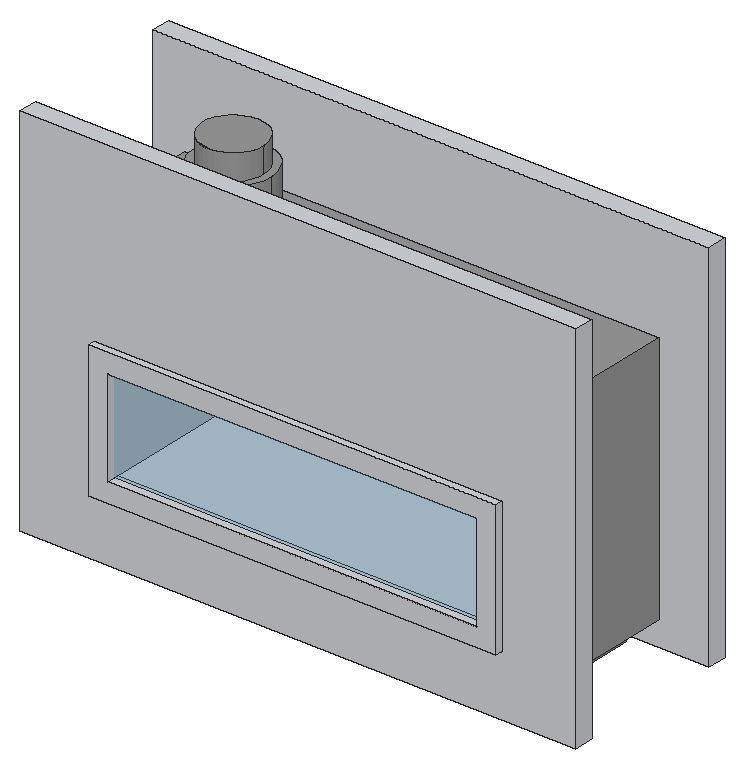
Revit family "TCWS ST Indoor-outdoor", category Mechanical Equipment, host Wall, Revit 2017
Family settings
  Host = Wall
  Round Connector Dimension = Use Diameter
  Part Type = Normal
  Always vertical = Yes
  Cut with Voids When Loaded = Yes
  Shared = Yes
  Room Calculation Point = No
Parameters (values of type "TCWS 54 indoor outdoor ST")
  UNIT WEIGHT = ""
  STANDARD CONFORMANCE [instance] = ""
  SPECIFICATION = ""
  SALES INFORMATION = ""
  PRODUCT DATA = ""
  MANUFACTURER WEBSITE = ""
  MANUFACTURER PHONE-TOLL FREE = ""
  MANUFACTURER PHONE = ""
  MANUFACTURER FAX = ""
  MANUFACTURER ADDRESS = ""
  INSTALLATION FABRICATION = ""
  HVAC BTU OUTPUT = 0.0 Btu/h
  GREEN BUILDING LEED = ""
  FUEL TYPE [instance] = ""
  FUEL CONSUMPTION [instance] = "AS SPECIFIED"
  FLUE CONNECTION WIDTH = 1' - 0 11/16"
  FLUE CONNECTION SIZE = 0' - 6"
  RADIUS = 0' - 5"
  FLUE CONNECTION HEIGHT = 0' - 9 15/16"
  UNIT WIDTH = 5' - 2 7/16"
  UNIT HEIGHT = 2' - 9 13/16"
  UNIT DEPTH = 2' - 0 7/16"
  FRAME MATERIAL = none
  GAS PIPE CONNECTOR = 0' - 0 1/4"
  MIN NON-COMBUSTIBLE FRAMING SUPPLIED [instance] = yes
  FACE WIDTH = 4' - 5 5/8"
  FACE HEIGHT = 1' - 5 3/4"
  EFFICIENCY RATING [instance] = 0.00%
  CONSTRUCTION DETAILS = ""
  BUILDING CODES = ""
Reference planes (in)
  plane 1: y = 0
  plane 2 "Center (Left/Right)": x = 0
  plane 3 "Wall Edge": y = 26.46875
  plane 4: y = 11.4375
  plane 5: x = -26.8125
  plane 6: x = 26.8125
  plane 7: x = -31.21875
  plane 8: x = 31.21875
  plane 9: y = 25.875
  plane 10: y = 1.4375
  plane 11: x = -18.53125
  plane 12: z = 10.49764
  plane 13: z = 21.49764
  plane 14: z = 40.12264
  plane 15: z = 6.31014
  plane 16: z = 4.56014
Forms (in)
  Extrusion 1, solid, material "Zinc"
    sketch origin (0, -1.5, -1.56289) x (1, 0, 0) y (0, 0, 1)
      loop
        line (-31.21875, 45.37303) -> (-31.21875, 12.12303) -> (31.21875, 12.12303) -> (31.21875, 45.37303) -> (-31.21875, 45.37303)
      loop
        line (-26.8125, 33.49803) -> (-26.8125, 15.74803) -> (26.8125, 15.74803) -> (26.8125, 33.49803) -> (-26.8125, 33.49803)
    from -6.5 to -23.375
  Extrusion 2, solid, material "Zinc"
    sketch origin (1.42188, -1.5, -1.56289) x (1, 0, 0) y (0, 0, 1)
      loop
        line (-29.37237, 12.12303) -> (-29.84374, 12.12303) -> (-29.84374, 11.99335) -> (-29.40169, 11.99335) -> (-28.29409, 7.90289) -> (-27.18649, 11.99335) -> (-26.74444, 11.99335) -> (-26.74444, 12.12303) -> (-27.21582, 12.12303) -> (-28.29409, 8.04399) -> (-29.37237, 12.12303)
      loop
        line (26.52862, 12.12303) -> (25.45034, 8.04399) -> (24.37207, 12.12303) -> (23.90069, 12.12303) -> (23.90069, 11.99335) -> (24.34274, 11.99335) -> (25.45034, 7.90289) -> (26.55794, 11.99335) -> (26.99999, 11.99335) -> (26.99999, 12.12303) -> (26.52862, 12.12303)
    from -6.5 to -23.375
  Extrusion 3, solid, material <- "FRAME MATERIAL"
    sketch origin (0, -3.5, -1.56289) x (1, 0, 0) y (0, 0, 1)
      loop
        line (-26.8125, 33.49803) -> (-26.8125, 15.74803) -> (26.8125, 15.74803) -> (26.8125, 33.49803) -> (-26.8125, 33.49803)
      loop
        line (-24.3125, 30.99803) -> (-24.3125, 18.24803) -> (24.3125, 18.24803) -> (24.3125, 30.99803) -> (-24.3125, 30.99803)
    from -30.375 to -3.99299
  Extrusion 4, solid, material "Zinc"
    sketch origin (-42.99274, -1.45058, 40.12264) x (1, 0, 0) y (0, 1, 0)
      loop
        circle (25.70075, 13.89173) r 5
    from 0 to 11.4375
  Extrusion 5, solid, material "Zinc"
    sketch origin (-42.99274, -1.45058, 51.56014) x (1, 0, 0) y (0, 1, 0)
      loop
        circle (25.70075, 13.89173) r 4
    from 0 to 3.34534
  Extrusion 6, solid, visible <- "MIN NON-COMBUSTIBLE FRAMING SUPPLIED"
    sketch origin (0, 1, -1.56289) x (1, 0, 0) y (0, 0, 1)
      loop
        line (36.58611, 57.18553) -> (-36.58611, 57.18553) -> (-36.58611, 7.74487) -> (36.58611, 7.74487) -> (36.58611, 57.18553)
      loop
        line (26.8125, 15.74803) -> (26.8125, 33.49803) -> (-26.8125, 33.49803) -> (-26.8125, 15.74803) -> (26.8125, 15.74803)
    from -0.5 to -3
  Extrusion 7, solid, material "Glass"
    sketch origin (0, 26.375, -1.56289) x (1, 0, 0) y (0, 0, -1)
      loop
        line (-24.3125, -30.99803) -> (24.3125, -30.99803) -> (24.3125, -18.24803) -> (-24.3125, -18.24803) -> (-24.3125, -30.99803)
    from 0 to -0.5
  Extrusion 8, solid, visible <- "MIN NON-COMBUSTIBLE FRAMING SUPPLIED"
    sketch origin (0, 26.375, -1.56289) x (1, 0, 0) y (0, 0, -1)
      loop
        line (36.58611, -57.18553) -> (36.58611, -7.74487) -> (-36.58611, -7.74487) -> (-36.58611, -57.18553) -> (36.58611, -57.18553)
      loop
        line (26.8125, -15.74803) -> (-26.8125, -15.74803) -> (-26.8125, -33.49803) -> (26.8125, -33.49803) -> (26.8125, -15.74803)
    from -0.5 to -3
  Extrusion 9, solid, material <- "FRAME MATERIAL"
    sketch origin (0, 26.46875, 0) x (1, 0, 0) y (0, 0, 1)
      loop
        line (26.81341, 36.93514) -> (-26.80912, 36.93514) -> (-31.8125, 31.93176) -> (-31.8125, 14.20308) -> (-26.79456, 9.18514) -> (26.86172, 9.18514) -> (31.8125, 14.13592) -> (31.8125, 31.93605) -> (26.81341, 36.93514)
      loop
        line (-26.8125, 31.93514) -> (-26.8125, 14.18514) -> (26.8125, 14.18514) -> (26.8125, 31.93514) -> (-26.8125, 31.93514)
    from 0.25 to 0.75
  Extrusion 10, solid, material "Glass"
    sketch origin (0, 26.46875, 0) x (1, 0, 0) y (0, 0, 1)
      loop
        line (-24.3125, 29.43514) -> (-24.3125, 16.68514) -> (24.3125, 16.68514) -> (24.3125, 29.43514) -> (-24.3125, 29.43514)
    from 25 to 24.5
Lines and regions (in)
  Opening 1
    outline origin (-72.32746, 1.03125, 0) x (1, 0, 0) y (0, 0, 1)
      loop
        line (99.13996, 31.93514) -> (45.51496, 31.93514) -> (45.51496, 14.18514) -> (99.13996, 14.18514) -> (99.13996, 31.93514)
Text (in)
  text "Placement Side" at (0, 40.15149, 123.01588), in view "Right"
  text "Placement Side" at (-86.4371, 48.14744, 0), in view "Ref. Level"
  text "Placement Side" at (0, 81.62555, 140.59947), in view "Left"
Dimensions and locks (in)
  locked: plane 3 "Wall Edge" to host wall
  equal spacing: plane 6, plane 2 "Center (Left/Right)", plane 5  (x2)
  "FACE WIDTH": plane 6 to plane 5
  equal spacing: plane 8, plane 2 "Center (Left/Right)", plane 7  (x2)
  "UNIT WIDTH": plane 8 to plane 7
  "UNIT DEPTH": plane 9 to plane 10
  "FLUE CONNECTION WIDTH": plane 7 to plane 11
  "FLUE CONNECTION HEIGHT": Extrusion 6 to plane 4
  plane 12 to plane 13 = 0' - 11"
  "UNIT HEIGHT": plane 15 to plane 14
  locked: plane 16 to Extrusion 1 at 6
  locked: Extrusion 3 sketch curve to Extrusion 3 sketch curve at 2.5
  locked: Extrusion 8 to Extrusion 3 sketch curve at 2.5
  "FACE HEIGHT": Extrusion 3 to Extrusion 3
  locked: Extrusion 3 sketch curve to Extrusion 1 at 2.5  (x2)
  Extrusion 9 sketch curve to Extrusion 3 = 0' - 5"  (x3)
  Extrusion 3 to Extrusion 9 sketch curve = 0' - 5"
  "RADIUS": radius of Extrusion 4 sketch curve
  aligned and locked: Extrusion 1 to Extrusion 2 sketch curve
  aligned and locked: Extrusion 3 sketch curve to Extrusion 1  (x2)
  aligned and locked: Extrusion 1 to plane 7
  aligned and locked: plane 8 to Extrusion 1
  aligned and locked: Extrusion 3 to plane 5
  aligned and locked: plane 6 to Extrusion 3
  aligned and locked: plane 9 to Extrusion 8
  aligned and locked: Opening 1 sketch curve to Extrusion 6
  aligned and locked: Opening 1 sketch curve to plane 5
  aligned and locked: Extrusion 7 to Extrusion 3  (x2)
  aligned and locked: Extrusion 10 sketch curve to Extrusion 3  (x4)
  aligned and locked: Extrusion 4 to plane 14
  aligned and locked: plane 6 to Opening 1 sketch curve
  aligned and locked: Opening 1 sketch curve to Extrusion 3
  aligned and locked: Extrusion 7 sketch curve to Extrusion 3  (x2)
  aligned and locked: plane 5 to Extrusion 1 sketch curve
  aligned and locked: Extrusion 1 sketch curve to plane 6
  aligned and locked: Extrusion 9 sketch curve to plane 5
  aligned and locked: Extrusion 9 sketch curve to host wall
  aligned and locked: Extrusion 9 sketch curve to plane 6
  aligned and locked: plane 6 to Extrusion 6 sketch curve
  aligned and locked: plane 5 to Extrusion 6 sketch curve
  aligned and locked: Extrusion 8 sketch curve to plane 6
  aligned and locked: Extrusion 8 sketch curve to plane 5
Automatic sketch dimensions
  Extrusion 2 sketch curve to plane 12 = 0' - 0.06718"  (x4)
  Extrusion 2 sketch curve to plane 5 = 0' - 1 39/64"
  Extrusion 2 sketch curve to Extrusion 2 sketch curve = 0' - 0.44205"  (x3)
  plane 12 to Extrusion 2 sketch curve = 0' - 0 1/16"  (x3)
  Extrusion 2 sketch curve to Extrusion 2 sketch curve = 0' - 0.02933"  (x4)
  plane 15 to Extrusion 2 sketch curve = 0' - 0.17096"  (x2)
  Extrusion 2 sketch curve to plane 5 = 0' - 0.05972"
  plane 15 to Extrusion 2 sketch curve = 0' - 0.02986"  (x2)
  Extrusion 2 sketch curve to Extrusion 2 sketch curve = 0' - 0"  (x2)
  Extrusion 2 sketch curve to Extrusion 2 sketch curve = 0' - 2.15655"
  Extrusion 2 sketch curve to plane 6 = 0' - 1.48994"
  plane 6 to Extrusion 2 sketch curve = 0' - 0.05972"
  plane 6 to Extrusion 2 sketch curve = 0' - 1.13799"
  plane 6 to Extrusion 2 sketch curve = 0' - 1 39/64"
  Extrusion 3 sketch curve to plane 5 = 0' - 0"
  Extrusion 3 sketch curve to plane 6 = 0' - 0"
  plane 13 to Extrusion 3 sketch curve = 0' - 7 15/16"
  plane 13 to Extrusion 7 sketch curve = 0' - 7 15/16"
  Extrusion 7 sketch curve to plane 13 = 0' - 4 13/16"
  Extrusion 1 sketch curve to plane 7 = 0' - 0"
  Extrusion 1 sketch curve to plane 8 = 0' - 0"
  plane 12 to Extrusion 1 sketch curve = 0' - 0 1/16"
  plane 12 to Extrusion 1 sketch curve = 0' - 3 11/16"
  Extrusion 1 sketch curve to plane 14 = 0' - 8 3/16"
  plane 14 to Extrusion 1 sketch curve = 0' - 3 11/16"
  plane 5 to Extrusion 9 sketch curve = 0' - 0.01794"
  plane 5 to Extrusion 9 sketch curve = 0' - 0.00338"
  plane 6 to Extrusion 9 sketch curve = 0' - 0.00091"
  Extrusion 9 sketch curve to plane 8 = 0' - 4.35703"
  plane 12 to Extrusion 9 sketch curve = 0' - 3.63828"
  plane 12 to Extrusion 9 sketch curve = 0' - 3.70544"
  plane 12 to Extrusion 9 sketch curve = 0' - 3 11/16"
  Extrusion 9 sketch curve to Extrusion 9 sketch curve = 0' - 0.00338"
  Extrusion 9 sketch curve to Extrusion 9 sketch curve = 0' - 0.00091"
  Extrusion 6 sketch curve to plane 15 = 0' - 0.12817"
  Extrusion 6 sketch curve to plane 7 = 0' - 5.36736"
  plane 8 to Extrusion 6 sketch curve = 0' - 5.36736"
  plane 12 to Extrusion 6 sketch curve = 0' - 3 11/16"
  Extrusion 6 sketch curve to plane 14 = 0' - 8 3/16"
  plane 14 to Extrusion 6 sketch curve = 1' - 3 1/2"
  Extrusion 8 sketch curve to plane 15 = 0' - 0.12817"
  Extrusion 8 sketch curve to plane 7 = 0' - 5.36736"
  plane 8 to Extrusion 8 sketch curve = 0' - 5.36736"
  plane 12 to Extrusion 8 sketch curve = 0' - 3 11/16"
  Extrusion 8 sketch curve to plane 14 = 0' - 8 3/16"
  plane 14 to Extrusion 8 sketch curve = 1' - 3 1/2"
  plane 11 to Extrusion 4 sketch curve = 0' - 1.23925"
  plane 4 to Extrusion 4 sketch curve = 0' - 1.00366"
  radius of Extrusion 5 sketch curve to Extrusion 4 = 0' - 1"
Nested families (in)
  nested 1: "Family2f" at (4.5, 21.875, 10.56014) x (-1, 0, 0) z (0, 0, -1), type "Family2f"
Connectors (in)
  hvac at (-17.292, 12.44116, 54.90548), driven by "FLUE CONNECTION SIZE"
    settings: on Extrusion 5, index 2, duct flow 0 CFM, flow factor 0, pres drop 0.00 in-wg, loss coef 0, conn angle 0.00°, conn width 12", conn height 12", conn diameter 6", duct sys type 3, conn prof type 0, flow config 0, flow direction 0, loss method 0, conn ref index -1, conn util no, is conn primary yes, conn desc ""
  electrical at (-8.61121, 12.47748, 4.56014)
    settings: on nested 1, index 3, voltage 0 V, apparent load 0 VA, apparent load phase1 0 VA, apparent load phase2 0 VA, apparent load phase3 0 VA, power factor 1, load classification "Other", number of poles 1, system type 14, power factor state 1, is connector primary yes, connector utility no, sub classification motor no, connector description ""
  piping at (-8.72242, 6.32996, 9.06014), diameter 0.25, driven by "GAS PIPE CONNECTOR"
    settings: on nested 1, index 4, connector inside diameter 24", connector length 0' - 0", flow factor 0, pipe flow 0 GPM, pressure drop 0.00 psi, fitting loss kfactor 0, connector angle 0.00°, fixture units 0, engagement length 0' - 0", angle of deflection 0.00°, flow configuration 0, flow direction 0, fitting loss method 0, system type 29, joint type 0, gender type 0, connector reference index -1, connector utility 0, adjustable connector no, is connector primary yes, connector description ""
Definition of nested family "Family2f"
  Parameters (values of type "Family2f")
    Default Elevation = 4' - 0"
  Reference planes (in)
    plane 1 "Center (Front/Back)": y = 0
    plane 2: z = 0
    plane 3 "Center (Left/Right)": x = 0
  Forms (in)
    Extrusion 1, solid
      sketch origin (0, 0, 0) x (1, 0, 0) y (0, 1, 0)
        loop
          line (-48, 48) -> (-48, -48) -> (48, -48) -> (48, 48) -> (-48, 48)
      from 0 to -12
    Extrusion 2, solid
      sketch origin (0, 0, 0) x (1, 0, 0) y (0, 1, 0)
        loop
          line (3.72242, -15.54504) -> (22.5, -15.54504) -> (22.5, -3.25) -> (3.72242, -3.25) -> (3.72242, -15.54504)
      from 0 to 6
  Dimensions and locks (in)
    aligned and locked: plane 2 to Extrusion 1
    aligned and locked: level to Extrusion 1
